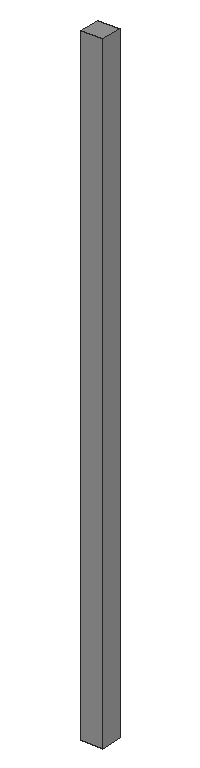
Revit family "Aluminum Batten", category Generic Models, Revit 2025
Family settings
  Can host rebar = No
  Round Connector Dimension = Use Diameter
  Part Type = Normal
  Work Plane-Based = No
  Always vertical = Yes
  Cut with Voids When Loaded = No
  Maintain Annotation Orientation = No
  Shared = No
  Room Calculation Point = No
Parameters
  Size = 2"
  Material = Cherry
  Height B [instance] = 30"
  Height A [instance] = 30"
  Default Elevation = 0"
Reference planes (in)
  plane 1 "Center (Front/Back)": y = 0
  plane 2: z = 0
  plane 3 "Center (Left/Right)": x = 0
  plane 4 "TOP": z = 30
  plane 5 "bottom": z = -30
Forms (in)
  Extrusion 1, solid, material "Cherry" <- "Material"
    sketch origin (0, 0, 0) x (1, 0, 0) y (0, 1, 0)
      loop
        line (-1, 1) -> (-1, -1) -> (1, -1) -> (1, 1) -> (-1, 1)
    from -30 to 30
Dimensions and locks (in)
  equal spacing: Extrusion 1 sketch curve, plane 3 "Center (Left/Right)", Extrusion 1 sketch curve
  equal spacing: Extrusion 1 sketch curve, plane 1 "Center (Front/Back)", Extrusion 1 sketch curve
  "Size": Extrusion 1 sketch curve to Extrusion 1 sketch curve  (x2)
  "Height A": plane 4 "TOP" to plane 2
  "Height B": plane 2 to plane 5 "bottom"
  aligned and locked: level to plane 2
  aligned and locked: plane 4 "TOP" to Extrusion 1
  aligned and locked: plane 5 "bottom" to Extrusion 1
